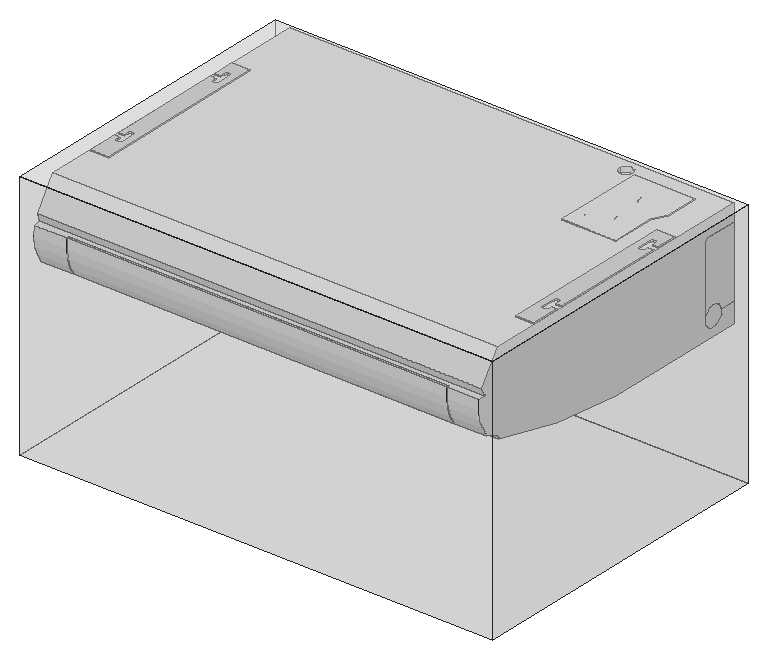
Revit family "outputfile", category 機械設備, Revit 2024
Family settings
  丸型コネクタ寸法 = 半径を使用
  パーツ タイプ = 標準
  OmniClass 番号 = 23.75.10.24.21.27.27
  OmniClass タイトル = Split System Air Conditioning Units
  作業面ベース = いいえ
  常に垂直 = はい
  ロード時にボイドで切り取り = いいえ
  注釈の向きを維持 = いいえ
  共有 = いいえ
  部屋計算ポイント = はい
Parameters (values of type "FHA50DVMG")
  製造元 = "Daikin"
  書き出し IFC クラス(タイプ) = "IfcUnitaryEquipmentType"
  定義済み IFC タイプ(タイプ) = "AIRCONDITIONINGUNIT"
  モデル = "FHA50DVMG"
  switch_frequency = yes
  r_Liquid Pipe Size = Liquid Pipe Size / 2  # 3.2 mm
  r_Gas Pipe Size = Gas Pipe Size / 2  # 6.35 mm
  r_Drain Pipe Size = Drain Pipe Size / 2  # 10.0 mm
  l_powersupply [instance] = if(Rear Right Connection_powersupply, 29.0 mm, 175.0 mm)  # 29.0 mm
  h_mountinghole = 2.0 mm
  connector_voltage = Voltage_50Hz  # 230 V
  connector_powerinput = [Power Input (Cooling)]  # 1.150 kW
  connector_phase = Phase_50Hz  # 1
  angle_vertical_powersupply [instance] = if(Rear Right Connection_powersupply, 90.00°, 180.00°)  # 90.00°
  angle_vertical_drainpipe [instance] = if(or(Left Connection_drainpipe, Right Connection_drainpipe), 90.00°, if(Top Connection_drainpipe, 180.00°, -90.00°))  # -90.00°
  angle_horizontal_powersupply [instance] = if(Rear Right Connection_powersupply, 180.00°, 0.00°)  # 180.00°
  angle_horizontal_drainpipe [instance] = if(Right Connection_drainpipe, 90.00°, if(Left Connection_drainpipe, -90.00°, 0.00°))  # 0.00°
  Voltage_comment_60Hz = "220-230"
  Voltage_comment_50Hz = "220-240"
  Voltage_60Hz = 220 V
  Voltage_50Hz = 230 V
  Top Connection_refrigerant [instance] = no
  Top Connection_powersupply [instance] = not(Rear Right Connection_powersupply)  # no
  Right Connection_refrigerant [instance] = no
  Rear Right Connection_refrigerant [instance] = yes
  Phase_60Hz = 1
  Phase_50Hz = 1
  Material_Casing = DAIKIN_White_Casing_indoorunit
  lw_powersupply [instance] = if(Rear Right Connection_powersupply, 220.0 mm, 210.0 mm)  # 220.0 mm
  lw_mountinghole_pitch = Width - 40.0 mm  # 920.0 mm
  lw_mountinghole = 20.0 mm
  lw_liquidpipe [instance] = if(Right Connection_refrigerant, 156.0 mm, if(Top Connection_refrigerant, 156.0 mm, 136.0 mm))  # 136.0 mm
  lw_gaspipe = 105.0 mm
  lw_drainpipe [instance] = if(Top Connection_drainpipe, 102.0 mm, if(Width = 960.0 mm, if(or(Left Connection_drainpipe, Rear Left Connection_drainpipe), 884.0 mm, 83.0 mm), if(Width = 1270.0 mm, if(or(Left Connection_drainpipe, Rear Left Connection_drainpipe), 1194.0 mm, 83.0 mm), if(Width = 1590.0 mm, if(or(Left Connection_drainpipe, Rear Left Connection_drainpipe), 1514.0 mm, 83.0 mm), 83.0 mm))))  # 83.0 mm
  lh_powersupply = 175.0 mm
  lh_liquidpipe [instance] = if(Rear Right Connection_refrigerant, 160.0 mm, 131.0 mm)  # 160.0 mm
  lh_gaspipe [instance] = if(Rear Right Connection_refrigerant, 150.0 mm, 91.0 mm)  # 150.0 mm
  lh_drainpipe = 197.0 mm
  l_antena = 1.0 mm
  ld_powersupply = 30.0 mm
  ld_mountinghole_pitch = 260.0 mm
  ld_mountinghole = 210.0 mm
  ld_liquidpipe [instance] = if(Right Connection_refrigerant, 57.0 mm, if(Top Connection_refrigerant, 189.0 mm, 221.0 mm))  # 221.0 mm
  ld_gaspipe [instance] = if(Right Connection_refrigerant, 57.0 mm, if(Top Connection_refrigerant, 163.0 mm, 214.0 mm))  # 214.0 mm
  ld_drainpipe [instance] = if(or(Left Connection_drainpipe, Right Connection_drainpipe), 57.0 mm, if(Top Connection_drainpipe, 87.0 mm, 268.0 mm))  # 268.0 mm
  l_liquidpipe_length [instance] = if(Right Connection_refrigerant, 156.0 mm, if(Top Connection_refrigerant, 131.0 mm, 220.0 mm))  # 220.0 mm
  l_gaspipe_length [instance] = if(Right Connection_refrigerant, 105.0 mm, if(Top Connection_refrigerant, 91.0 mm, 213.0 mm))  # 213.0 mm
  l_drainpipe_length [instance] = if(Right Connection_drainpipe, 83.0 mm, if(Top Connection_drainpipe, 197.0 mm, if(Left Connection_drainpipe, 76.0 mm, 267.0 mm)))  # 267.0 mm
  h*** = 0.0 mm
  angle_vertical [instance] = if(Right Connection_refrigerant, 90.00°, if(Top Connection_refrigerant, 180.00°, -90.00°))  # -90.00°
  angle_horizontal [instance] = if(Right Connection_refrigerant, 90.00°, 0.00°)  # 0.00°
  Width = 960.0 mm
  Version = "ver.1.0"
  Unit Type = "Ceiling"
  Unit Mass Weight = 25.00 kg
  Unit Designation [instance] = ""
  Uniclass2015Version = "Products v1.30"
  Uniclass2015Title = "Split coil room air conditioning units"
  Uniclass2015Code = "Pr_70_65_03_86"
  Total Cooling Capacity [instance] = 0.000 kW
  Top Connection_drainpipe [instance] = no
  Sound Pressure Level_M speed (dBA) = 35
  Sound Pressure Level_L speed (dBA) = 32
  Sound Pressure Level_H speed (dBA) = 37
  Series = "SkyAir_Fan Coil Unit"
  Sensible Cooling Capacity [instance] = 0.000 kW
  Rear Right Connection_drainpipe [instance] = yes
  Rear Right Connection_powersupply [instance] = yes
  Right Connection_drainpipe [instance] = no
  Refrigerant Type = "R32"
  Power Input (Cooling) = 1.150 kW
  Option Accessory 3 [instance] = ""
  Option Accessory 2 [instance] = ""
  Option Accessory 1 [instance] = ""
  Nominal Cooling Capacity = 4.600 kW
  Minimum Airflow = 600.00 m³/h
  Median Airflow = 720.00 m³/h
  Maximum Airflow = 900.00 m³/h
  Load Classification = HVAC
  Liquid Pipe Size = 6.4 mm
  Link_Nested Family [instance] = ""
  Rear Left Connection_drainpipe [instance] = no
  Left Connection_drainpipe [instance] = no
  IfcVersion = ""
  IfcExportType = "AIRCONDITIONINGUNIT"
  IfcExportAs = "IfcUnitaryEquipmentType"
  Height = 235.0 mm
  Heat Exchanger Type = "Cross Fin Coil"
  Gas Pipe Size = 12.7 mm
  Frequency_60Hz = 60 Hz
  Frequency_50Hz = 50 Hz
  Fan Type = "Sirocco Fan"
  Fan Drive = "Direct Drive"
  FCU Tag No. [instance] = ""
  Drain Pipe Size = 20.0 mm
  Design Supply Airflow [instance] = 0.00 m³/h
  Design Outdoor Airflow [instance] = 0.00 m³/h
  Depth = 690.0 mm
  既定の高さ = 0.0 mm
  Cooling Entering Wet Bulb Temperature [instance] = 0.00 °C
  Cooling Entering Dry Bulb Temperature [instance] = 0.00 °C
  Cooling Ambient Wet Bulb Temperature [instance] = 0.00 °C
  Cooling Ambient Dry Bulb Temperature [instance] = 0.00 °C
  Clearance visibility [instance] = yes
  Clearance Top = 5.0 mm
  Clearance Right = 30.0 mm
  Clearance Rear = 0.0 mm
  Clearance Left = 30.0 mm
  Clearance Front = 0.0 mm
  Clearance Bottom = 300.0 mm
Reference planes
  plane 1 "Back": y = 0
  plane 2: z = 0
  plane 3 "Center (Left/Right)": x = 0
  plane 4 "Center (Front/Back)": y = -1
  plane 5 "Front": y = -690
  plane 6 "Left": x = -480
  plane 7 "Right": x = 480
  plane 8 "Top": z = 0
  plane 9 "Bottom": z = -235
  plane 10: y = -690
  plane 11: x = -510
  plane 12: x = 510
  plane 13: z = 5
  plane 14: z = -535
  plane 15: y = 0
  plane 16 "lw_mountinghole": x = -460
  plane 17 "lw_mountinghole2": x = 460
  plane 18 "ld_mountinghole": y = -210
  plane 19 "ld_mountinghole2": y = -470
  plane 20 "lw_gaspipe": x = 375
  plane 21 "ld_gaspipe": y = -214
  plane 22 "lh_gaspipe": z = -150
  plane 23 "lw_liquidpipe": x = 344
  plane 24 "ld_liquidpipe": y = -221
  plane 25 "lh_liquidpipe": z = -160
  plane 26 "ld_drainpipe": y = -268
  plane 27 "lw_drainpipe": x = 397
  plane 28 "lh_drainpipe": z = -197
  plane 29 "lw_powersupply": x = 260
  plane 30 "lh_powersupply": z = -175
  plane 31 "ld_powersupply": y = -30
  plane 32: x = -410.5
  plane 33: x = 410.5
  plane 34: x = -435
  plane 35: x = 435
  plane 36: x = -2
  plane 37: x = 2
Forms (mm)
  Extrusion 1, solid, material "DAIKIN_White_Casing_indoorunit" <- "Material_Casing"
    sketch origin (0, 0, 0) x (0, 1, 0) y (0, 0, 1)
      loop
        line (-639.277, 0) -> (-680.876, -61.699) -> (-675.026, -77.772)
        arc (-675.026, -77.772) -> (-681.815, -78.743) -> (-688.601, -79.732) r 2634.132
        arc (-688.601, -79.732) -> (-687.018, -121.096) -> (-669.159, -158.439) r 102.2
        line (-669.159, -158.439) -> (-639.858, -169.325) -> (-635.895, -178.261)
        arc (-635.895, -178.261) -> (-479.121, -215.759) -> (-319.077, -235) r 1400.997
        line (-319.077, -235) -> (-1, -235) -> (-1, 0) -> (-639.277, 0)
    from -480 to 480
  Extrusion 2, solid, material "DAIKIN_White_Casing_indoorunit" <- "Material_Casing"
    sketch origin (0, 0, 0) x (0, 1, 0) y (0, 0, 1)
      loop
        arc (-688.601, -79.732) -> (-687.018, -121.096) -> (-669.159, -158.439) r 102.2
        line (-669.159, -158.439) -> (-665.589, -154.869)
        arc (-665.589, -154.869) -> (-682.432, -118.783) -> (-683.39, -78.971) r 97.2
        arc (-683.39, -78.971) -> (-685.996, -79.351) -> (-688.601, -79.732) r 2634.132
    from -410.5 to 410.5
  Extrusion 3, void
    sketch origin (0, 0, 0) x (0, 1, 0) y (0, 0, 1)
      loop
        line (-301.098, -235) -> (-21.098, -235) -> (-21.098, -230) -> (-301.098, -230) -> (-301.098, -235)
    from -435 to 435
  Extrusion 4, solid, material "DAIKIN_White_Grille_indoorunit"
    sketch origin (0, 0, 0) x (0, 1, 0) y (0, 0, 1)
      loop
        line (-20.098, -230) -> (-301.098, -230) -> (-301.098, -235) -> (-20.098, -235) -> (-20.098, -230)
    from -435 to -2
  Extrusion 5, solid, material "DAIKIN_White_Casing_indoorunit" <- "Material_Casing"
    sketch origin (0, 0, 0) x (1, 0, 0) y (0, 0, 1)
      loop
        line (287, -63) -> (287, -178) -> (358, -220) -> (421, -220) -> (421, -63) -> (287, -63)
    from 0 to 1
  Extrusion 6, solid, material "DAIKIN_White_Casing_indoorunit" <- "Material_Casing"
    sketch origin (0, 0, 0) x (-1, 0, 0) y (0, -1, 0)
      loop
        line (-292, 35) -> (-292, 230) -> (-408, 230) -> (-408, 135) -> (-423, 105) -> (-423, 35) -> (-292, 35)
    from 0 to 1.9
  Extrusion 7, void
    sketch origin (480, 0, 0) x (0, 1, 0) y (0, 0, 1)
      loop
        arc (-79.5, -195) -> (-55.446, -217.446) -> (-34.715, -191.9) r 22.5
        line (-34.715, -191.9) -> (-1, -191.9) -> (-1, -190.1) -> (-35.04, -190.1)
        arc (-35.04, -190.1) -> (-54.942, -172.594) -> (-77.7, -186.182) r 22.5
        line (-77.7, -186.182) -> (-77.7, -43)
        arc (-77.7, -43) -> (-76.528, -40.172) -> (-73.7, -39) r 4
        line (-73.7, -39) -> (-1, -39) -> (-1, -37.2) -> (-73.7, -37.2)
        arc (-73.7, -37.2) -> (-77.801, -38.899) -> (-79.5, -43) r 5.8
        line (-79.5, -43) -> (-79.5, -195)
      loop
        circle (-57, -195) r 20.7
    from 0 to -10
  Extrusion 8, void
    sketch origin (-1444.026, -1, 1200) x (1, 0, 0) y (0, 0, 1)
      loop
        arc (1030.026, -1375) -> (1019.42, -1379.393) -> (1015.026, -1390) r 15
        line (1015.026, -1390) -> (1015.026, -1400)
        arc (1015.026, -1400) -> (1019.42, -1410.607) -> (1030.026, -1415) r 15
        line (1030.026, -1415) -> (1060.026, -1415)
        arc (1060.026, -1415) -> (1070.633, -1410.607) -> (1075.026, -1400) r 15
        line (1075.026, -1400) -> (1075.026, -1390)
        arc (1075.026, -1390) -> (1070.633, -1379.393) -> (1060.026, -1375) r 15
        line (1060.026, -1375) -> (1030.026, -1375)
    from 0 to 10
  Extrusion 9, void
    sketch origin (-480, 0, 0) x (0, 1, 0) y (0, 0, 1)
      loop
        circle (-57, -197) r 22.5
    from 0 to 10
  Extrusion 10, void
    sketch origin (-1444.026, -1, 1200) x (1, 0, 0) y (0, 0, 1)
      loop
        circle (1821.026, -1375) r 44
    from 0 to 10
  Extrusion 11, void
    sketch origin (0, 0, 0) x (-1, 0, 0) y (0, -1, 0)
      loop
        circle (-378, 87) r 30
    from 0 to -10
  Extrusion 12, void
    sketch origin (0, 0, 0) x (-1, 0, 0) y (0, -1, 0)
      loop
        circle (-375, 163) r 18
    from 0 to -10
  Extrusion 13, void
    sketch origin (0, 0, 0) x (-1, 0, 0) y (0, -1, 0)
      loop
        circle (-324, 189) r 13
    from 0 to -10
  Extrusion 14, void
    sketch origin (-1444.026, -1, 1200) x (1, 0, 0) y (0, 0, 1)
      loop
        circle (1704.026, -1375) r 14.5
    from 0 to 10
  Extrusion 15, void
    sketch origin (0, 0, 0) x (-1, 0, 0) y (0, -1, 0)
      loop
        circle (-270, 30) r 14.5
    from 0 to -10
  Extrusion 16, void
    sketch origin (480, 0, 0) x (0, 1, 0) y (0, 0, 1)
      loop
        arc (-665.589, -154.869) -> (-682.432, -118.783) -> (-683.39, -78.971) r 97.2
        arc (-683.39, -78.971) -> (-685.996, -79.351) -> (-688.601, -79.732) r 2634.132
        arc (-688.601, -79.732) -> (-687.018, -121.096) -> (-669.159, -158.439) r 102.2
        line (-669.159, -158.439) -> (-665.589, -154.869)
    from -69.5 to -890.5
  Extrusion 17, solid, material "DAIKIN_White_Casing_indoorunit" <- "Material_Casing"
    sketch origin (-480, 0, 0) x (0, 1, 0) y (0, 0, 1)
      loop
        circle (-57, -197) r 22.5
    from 0 to 10
  Extrusion 18, solid, material "DAIKIN_White_Grille_indoorunit"
    sketch origin (780, 0, 0) x (0, 1, 0) y (0, 0, 1)
      loop
        line (-20.098, -230) -> (-301.098, -230) -> (-301.098, -235) -> (-20.098, -235) -> (-20.098, -230)
    from -782 to -778
  Extrusion 19, solid, material "DAIKIN_White_Grille_indoorunit"
    sketch origin (0, 0, 0) x (0, 1, 0) y (0, 0, -1)
      loop
        line (-20.098, 230) -> (-20.098, 235) -> (-301.098, 235) -> (-301.098, 230) -> (-20.098, 230)
    from -435 to -2
Cuts and joins
  Extrusion 3, Extrusion 7, Extrusion 8, Extrusion 9, Extrusion 10, Extrusion 11, Extrusion 12, Extrusion 13, Extrusion 14, Extrusion 15, Extrusion 16 cuts Extrusion 1
Lines and regions (mm)
  reference lines
    curve 1: line (480, -580.282, -192.75) -> (480, -551.225, -200.21)
Dimensions and locks
  equal spacing: plane 6 "Left", plane 3 "Center (Left/Right)", plane 7 "Right"
  "Width": plane 6 "Left" to plane 7 "Right"
  "Depth": plane 5 "Front" to plane 1 "Back"
  "Height": plane 8 "Top" to plane 9 "Bottom"
  "Clearance Front": plane 10 to plane 5 "Front"
  "Clearance Left": plane 11 to plane 6 "Left"
  "Clearance Right": plane 7 "Right" to plane 12
  "Clearance Top": plane 13 to plane 8 "Top"
  "Clearance Bottom": plane 9 "Bottom" to plane 14
  "Clearance Rear": plane 1 "Back" to plane 15
  locked: plane 4 "Center (Front/Back)" to plane 1 "Back" at 1
  locked: Extrusion 1 sketch curve to Extrusion 1 sketch curve at 235
  locked: Extrusion 1 sketch curve to Extrusion 1 sketch curve at 318.077
  locked: Extrusion 1 sketch curve to Extrusion 1 sketch curve at 1163.297
  locked: Extrusion 1 sketch curve to Extrusion 1 sketch curve at 231.144
  Extrusion 3 sketch curve to Extrusion 3 sketch curve to plane 1 "Back" = 280.0 mm locked, 21.098 mm locked
  "ld_mountinghole": plane 18 "ld_mountinghole" to plane 1 "Back"
  "ld_mountinghole_pitch": plane 18 "ld_mountinghole" to plane 19 "ld_mountinghole2"
  "lw_mountinghole_pitch": plane 16 "lw_mountinghole" to plane 17 "lw_mountinghole2"
  "lw_mountinghole": plane 6 "Left" to plane 16 "lw_mountinghole"
  "lw_gaspipe": plane 20 "lw_gaspipe" to plane 7 "Right"
  "ld_gaspipe": plane 1 "Back" to plane 21 "ld_gaspipe"
  "lw_liquidpipe": plane 23 "lw_liquidpipe" to plane 7 "Right"
  "ld_liquidpipe": plane 1 "Back" to plane 24 "ld_liquidpipe"
  "lw_drainpipe": plane 27 "lw_drainpipe" to plane 7 "Right"
  "ld_drainpipe": plane 26 "ld_drainpipe" to plane 1 "Back"
  plane 8 "Top" to Extrusion 5 sketch curve to Extrusion 5 sketch curve = 63.0 mm locked, 157.0 mm locked
  plane 7 "Right" to Extrusion 5 sketch curve to Extrusion 5 sketch curve = 59.0 mm locked, 134.0 mm locked
  locked: Extrusion 5 sketch curve to Extrusion 5 sketch curve at 115
  locked: Extrusion 5 sketch curve to Extrusion 5 sketch curve at 63
  locked: Extrusion 6 sketch curve to Extrusion 6 sketch curve at 195
  locked: Extrusion 6 sketch curve to Extrusion 6 sketch curve at 116
  locked: Extrusion 6 sketch curve to Extrusion 6 sketch curve at 131
  locked: Extrusion 6 sketch curve to Extrusion 6 sketch curve at 100
  locked: Extrusion 6 sketch curve to plane 1 "Back" at 35
  locked: Extrusion 6 sketch curve to plane 7 "Right" at 57
  locked: Extrusion 8 sketch curve to Extrusion 8 sketch curve at 40
  locked: Extrusion 8 sketch curve to Extrusion 8 sketch curve at 60
  locked: plane 8 "Top" to Extrusion 8 sketch curve at 175
  locked: Extrusion 8 sketch curve to plane 6 "Left" at 51
  locked: plane 7 "Right" to Extrusion 10 sketch curve at 103
  locked: plane 8 "Top" to Extrusion 10 sketch curve at 175
  locked: Extrusion 11 sketch curve to plane 1 "Back" at 87
  locked: Extrusion 11 sketch curve to plane 7 "Right" at 102
  locked: Extrusion 12 sketch curve to plane 1 "Back" at 163
  locked: Extrusion 12 sketch curve to plane 7 "Right" at 105
  locked: Extrusion 13 sketch curve to plane 1 "Back" at 189
  locked: Extrusion 13 sketch curve to plane 7 "Right" at 156
  "lw_powersupply": plane 29 "lw_powersupply" to plane 7 "Right"
  "lh_gaspipe": plane 8 "Top" to plane 22 "lh_gaspipe"
  "lh_liquidpipe": plane 8 "Top" to plane 25 "lh_liquidpipe"
  "lh_powersupply": plane 8 "Top" to plane 30 "lh_powersupply"
  "lh_drainpipe": plane 8 "Top" to plane 28 "lh_drainpipe"
  "ld_powersupply": plane 1 "Back" to plane 31 "ld_powersupply"
  locked: plane 8 "Top" to Extrusion 7 sketch curve at 195
  locked: Extrusion 7 sketch curve to plane 1 "Back" at 57
  locked: plane 9 "Bottom" to Extrusion 7 sketch curve at 43.1
  locked: Extrusion 7 sketch curve to plane 8 "Top" at 39
  locked: Extrusion 7 sketch curve to plane 1 "Back" at 79.5
  locked: Extrusion 9 sketch curve to plane 1 "Back" at 57
  locked: plane 8 "Top" to Extrusion 9 sketch curve at 197
  locked: Extrusion 17 sketch curve to plane 1 "Back" at 57
  locked: plane 8 "Top" to Extrusion 17 sketch curve at 197
  locked: plane 7 "Right" to Extrusion 14 sketch curve at 220
  locked: plane 8 "Top" to Extrusion 14 sketch curve at 175
  locked: Extrusion 15 sketch curve to plane 7 "Right" at 210
  locked: Extrusion 15 sketch curve to plane 1 "Back" at 30
  locked: curve 1 to plane 9 "Bottom" at 34.79
  locked: curve 1 to plane 9 "Bottom" at 42.25
  locked: plane 6 "Left" to plane 32 at 69.5
  locked: plane 33 to plane 7 "Right" at 69.5
  locked: plane 35 to plane 7 "Right" at 45
  locked: plane 6 "Left" to plane 34 at 45
  plane 36 to plane 3 "Center (Left/Right)" to plane 37 = 2.0 mm locked, 2.0 mm locked
  locked: curve 1 to plane 9 "Bottom" (angle 14.40°)
  aligned and locked: level to plane 2
  aligned and locked: nested 1 to plane 11
  aligned and locked: nested 1 to plane 12
  aligned and locked: nested 1 to plane 10
  aligned and locked: plane 13 to nested 1
  aligned and locked: plane 14 to nested 1
  aligned and locked: plane 15 to nested 1
  aligned and locked: Extrusion 1 sketch curve to plane 8 "Top"
  aligned and locked: Extrusion 2 sketch curve to Extrusion 1  (x2)
  aligned and locked: plane 7 "Right" to Extrusion 1
  aligned and locked: Extrusion 1 to plane 6 "Left"
  aligned and locked: cut or joined group 1 (Extrusion 1, Extrusion 3, Extrusion 7, Extrusion 8, Extrusion 9, Extrusion 10, Extrusion 11, Extrusion 12, Extrusion 13, Extrusion 14, Extrusion 15, Extrusion 16) to Extrusion 3 sketch curve
  aligned and locked: cut or joined group 1 to Extrusion 4 sketch curve
  aligned and locked: Extrusion 5 to plane 4 "Center (Front/Back)"
  aligned and locked: Extrusion 7 sketch curve to plane 4 "Center (Front/Back)"
  aligned and locked: Extrusion 16 sketch curve to Extrusion 2  (x4)
  aligned and locked: Extrusion 16 to Extrusion 2  (x2)
  aligned and locked: nested 2 to plane 26 "ld_drainpipe"
  aligned and locked: plane 27 "lw_drainpipe" to nested 2
  aligned and locked: plane 20 "lw_gaspipe" to nested 3
  aligned and locked: nested 3 to plane 21 "ld_gaspipe"
  aligned and locked: plane 23 "lw_liquidpipe" to nested 4
  aligned and locked: nested 4 to plane 24 "ld_liquidpipe"
  aligned and locked: plane 25 "lh_liquidpipe" to nested 4
  aligned and locked: nested 5 to plane 31 "ld_powersupply"
  aligned and locked: plane 29 "lw_powersupply" to nested 5
  aligned and locked: nested 7 to plane 18 "ld_mountinghole"
  aligned and locked: plane 16 "lw_mountinghole" to nested 7
  aligned and locked: nested 6 to plane 19 "ld_mountinghole2"
  aligned and locked: plane 16 "lw_mountinghole" to nested 6
  aligned and locked: nested 9 to plane 18 "ld_mountinghole"
  aligned and locked: plane 17 "lw_mountinghole2" to nested 9
  aligned and locked: plane 17 "lw_mountinghole2" to nested 8
  aligned and locked: nested 8 to plane 19 "ld_mountinghole2"
  aligned and locked: nested 10 to curve 1
  aligned and locked: level to plane 8 "Top"
  aligned and locked: cut or joined group 1 to plane 32
  aligned and locked: plane 33 to cut or joined group 1
  aligned and locked: Extrusion 16 to plane 32
  aligned and locked: plane 33 to Extrusion 16
  aligned and locked: Extrusion 4 to plane 34
  aligned and locked: cut or joined group 1 to plane 34
  aligned and locked: plane 34 to Extrusion 4  (x3)
  aligned and locked: plane 16 "lw_mountinghole" to nested 11
  aligned and locked: plane 17 "lw_mountinghole2" to nested 12
  aligned and locked: plane 36 to Extrusion 4
  aligned and locked: Extrusion 18 to plane 36
  aligned and locked: plane 37 to Extrusion 18
  aligned and locked: Extrusion 19 to plane 37
  aligned and locked: plane 37 to Extrusion 19
  aligned and locked: plane 35 to Extrusion 19
  aligned and locked: plane 35 to Extrusion 3
  aligned and locked: Extrusion 4 to cut or joined group 1
  aligned and locked: cut or joined group 1 to Extrusion 18
  aligned and locked: cut or joined group 1 to Extrusion 19
Automatic sketch dimensions
  Extrusion 1 sketch curve to plane 4 "Center (Front/Back)" = 0.0 mm
  Extrusion 1 sketch curve to plane 5 "Front" = 102.2 mm
  Extrusion 1 sketch curve to plane 30 "lh_powersupply" = 3.261 mm
  Extrusion 1 sketch curve to plane 5 "Front" = 50.723 mm
  plane 30 "lh_powersupply" to Extrusion 1 sketch curve = 5.675 mm
  Extrusion 1 sketch curve to Extrusion 1 sketch curve = 3.963 mm
  plane 25 "lh_liquidpipe" to Extrusion 1 sketch curve = 1.561 mm
  Extrusion 1 sketch curve to plane 5 "Front" = 20.841 mm
  Extrusion 1 sketch curve to plane 5 "Front" = 14.974 mm
  Extrusion 1 sketch curve to plane 5 "Front" = 9.124 mm
  Extrusion 1 sketch curve to plane 26 "ld_drainpipe" = 37.278 mm
  Extrusion 1 sketch curve to plane 14 = 2150.825 mm
  plane 22 "lh_gaspipe" to Extrusion 1 sketch curve = 53.413 mm
  Extrusion 1 sketch curve to level = 77.772 mm
  Extrusion 1 sketch curve to Extrusion 1 sketch curve = 16.072 mm
  Extrusion 2 sketch curve to Extrusion 2 sketch curve = 0.0 mm  (x2)
  plane 25 "lh_liquidpipe" to Extrusion 2 sketch curve = 1.561 mm
  Extrusion 2 sketch curve to plane 22 "lh_gaspipe" = 4.869 mm
  Extrusion 2 sketch curve to Extrusion 2 sketch curve = 3.57 mm
  Extrusion 3 sketch curve to Extrusion 3 sketch curve = 5.0 mm
  plane 31 "ld_powersupply" to Extrusion 4 sketch curve = 9.902 mm
  Extrusion 4 sketch curve to Extrusion 4 sketch curve = 5.0 mm
  Extrusion 6 sketch curve to Extrusion 6 sketch curve = 30.0 mm
  Extrusion 7 sketch curve to Extrusion 7 sketch curve = 0.0 mm  (x6)
  Extrusion 7 sketch curve to plane 4 "Center (Front/Back)" = 0.0 mm  (x2)
  Extrusion 7 sketch curve to Extrusion 7 sketch curve = 1.8 mm  (x2)
  Extrusion 7 sketch curve to Extrusion 7 sketch curve = 4.0 mm
  Extrusion 7 sketch curve to Extrusion 7 sketch curve = 0.325 mm
  Extrusion 8 sketch curve to plane 32 = 3.5 mm  (x2)
  Extrusion 8 sketch curve to plane 28 "lh_drainpipe" = 3.0 mm
  Extrusion 8 sketch curve to Extrusion 8 sketch curve = 15.0 mm
  curve 1 to plane 5 "Front" = 109.718 mm
  Extrusion 18 sketch curve to plane 9 "Bottom" = 0.0 mm
  plane 9 "Bottom" to Extrusion 18 sketch curve = 5.0 mm
  Extrusion 18 sketch curve to plane 26 "ld_drainpipe" = 33.098 mm
  plane 31 "ld_powersupply" to Extrusion 18 sketch curve = 9.902 mm
  Extrusion 19 sketch curve to plane 9 "Bottom" = 0.0 mm
  plane 9 "Bottom" to Extrusion 19 sketch curve = 5.0 mm
  Extrusion 19 sketch curve to plane 26 "ld_drainpipe" = 33.098 mm
  plane 31 "ld_powersupply" to Extrusion 19 sketch curve = 9.902 mm
  Extrusion 4 sketch curve to plane 26 "ld_drainpipe" = 33.098 mm
  radius of Extrusion 7 sketch curve = 20.7 mm
  radius of Extrusion 9 sketch curve = 22.5 mm
  radius of Extrusion 10 sketch curve = 44.0 mm
  radius of Extrusion 11 sketch curve = 30.0 mm
  radius of Extrusion 12 sketch curve = 18.0 mm
  radius of Extrusion 13 sketch curve = 13.0 mm
  radius of Extrusion 14 sketch curve = 14.5 mm
  radius of Extrusion 15 sketch curve = 14.5 mm
  radius of Extrusion 17 sketch curve = 22.5 mm
Nested families
  nested 1: "daikin_clearancespace" at (0, -345, -264.881), visible <- "Clearance visibility", show <- "Clearance visibility", Link_Nested Family <- "Link_Nested Family", type "daikin_clearancespace"
    with width 1020.0 mm, show yes, height 540.0 mm, depth 690.0 mm, Link_Nested Family ""
  nested 2: "daikin_connector_rotate3" at (397, -268, -197), radius <- "r_Drain Pipe Size", angle_vertical <- "angle_vertical_drainpipe", angle_horizontal <- "angle_horizontal_drainpipe", length <- "l_drainpipe_length", type "daikin_connector_rotate3"
    with show no, radius 10.0 mm, length 267.0 mm, angle_vertical -90.00°, angle_horizontal 0.00°
  nested 3: "daikin_connector_rotate3" at (375, -214, -150), radius <- "r_Gas Pipe Size", angle_vertical <- "angle_vertical", angle_horizontal <- "angle_horizontal", length <- "l_gaspipe_length", type "daikin_connector_rotate3"
    with show no, radius 6.35 mm, length 213.0 mm, angle_vertical -90.00°, angle_horizontal 0.00°
  nested 4: "daikin_connector_rotate3" at (344, -221, -160), radius <- "r_Liquid Pipe Size", angle_vertical <- "angle_vertical", angle_horizontal <- "angle_horizontal", length <- "l_liquidpipe_length", type "daikin_connector_rotate3"
    with show no, radius 3.2 mm, length 220.0 mm, angle_vertical -90.00°, angle_horizontal 0.00°
  nested 5: "daikin_connector_rotate3" at (260, -30, -175), length <- "l_powersupply", angle_vertical <- "angle_vertical_powersupply", angle_horizontal <- "angle_horizontal_powersupply", type "daikin_connector_rotate3"
    with show no, radius 10.0 mm, length 29.0 mm, angle_vertical 90.00°, angle_horizontal 180.00°
  nested 6: "daikin_mountinghole" at (-460, -470, 0), l_antenna <- "l_antena", Link_Nested Family <- "Link_Nested Family", h_mountinghole <- "h_mountinghole", type "daikin_mountinghole"
    with show yes, l_antenna 1.0 mm, h_mountinghole 2.0 mm, Link_Nested Family ""
  nested 7: "daikin_mountinghole" at (-460, -210, 0), l_antenna <- "l_antena", Link_Nested Family <- "Link_Nested Family", h_mountinghole <- "h_mountinghole", type "daikin_mountinghole"
    with show yes, l_antenna 1.0 mm, h_mountinghole 2.0 mm, Link_Nested Family ""
  nested 8: "daikin_mountinghole" at (460, -470, 0), l_antenna <- "l_antena", Link_Nested Family <- "Link_Nested Family", h_mountinghole <- "h_mountinghole", type "daikin_mountinghole"
    with show yes, l_antenna 1.0 mm, h_mountinghole 2.0 mm, Link_Nested Family ""
  nested 9: "daikin_mountinghole" at (460, -210, 0), Link_Nested Family <- "Link_Nested Family", l_antenna <- "l_antena", h_mountinghole <- "h_mountinghole", type "daikin_mountinghole"
    with show yes, l_antenna 1.0 mm, h_mountinghole 2.0 mm, Link_Nested Family ""
  nested 10: "daikin_logo_plane_w40" at (332.963, -559.801, -198.008) x (1, 0, 0) z (0, -0.2487, -0.9686), type "daikin_logo_plane_w40"
    with show_logo yes
  nested 11: "daikin_hangerfixture_FHA-DVMG" at (-460, 0, 0), type "daikin_hangerfixture_FHA-DVMG"
    with width 38.0 mm, height 2.0 mm, depth 380.0 mm
  nested 12: "daikin_hangerfixture_FHA-DVMG" at (460, 0, 0) x (-1, 0, 0) z (0, 0, 1), type "daikin_hangerfixture_FHA-DVMG"
    with width 38.0 mm, height 2.0 mm, depth 380.0 mm
Connectors
  piping at (397, -1, -197), diameter 20, driven by "r_Drain Pipe Size"
    settings: on nested 2, index 1, connector inside diameter 609.6 mm, connector length 0.0 mm, flow factor 0, pipe flow 0.00 m³/h, pressure drop 0.0 Pa, fitting loss kfactor 0, connector angle 0.00°, fixture units 0, engagement length 0.0 mm, angle of deflection 0.00°, flow configuration 1, flow direction 2, fitting loss method 4, system type 16, joint type 0, gender type 0, connector reference index -1, connector utility 0, adjustable connector no, is connector primary yes, connector description "Condensate Drain Piping"
  piping at (375, -1, -150), diameter 12.7, driven by "r_Gas Pipe Size"
    settings: on nested 3, index 3, connector inside diameter 609.6 mm, connector length 0.0 mm, flow factor 0, pipe flow 0.00 m³/h, pressure drop 0.0 Pa, fitting loss kfactor 0, connector angle 0.00°, fixture units 0, engagement length 0.0 mm, angle of deflection 0.00°, flow configuration 1, flow direction 2, fitting loss method 0, system type 29, joint type 0, gender type 0, connector reference index -1, connector utility 0, adjustable connector no, is connector primary no, connector description "Refrigerant Gas Piping"
  piping at (344, -1, -160), diameter 6.4, driven by "r_Liquid Pipe Size"
    settings: on nested 4, index 4, connector inside diameter 609.6 mm, connector length 0.0 mm, flow factor 0, pipe flow 0.00 m³/h, pressure drop 0.0 Pa, fitting loss kfactor 0, connector angle 0.00°, fixture units 0, engagement length 0.0 mm, angle of deflection 0.00°, flow configuration 1, flow direction 1, fitting loss method 0, system type 29, joint type 0, gender type 0, connector reference index -1, connector utility 0, adjustable connector no, is connector primary no, connector description "Refrigerant Liquid Piping"
  electrical at (260, -1, -175), driven by "Load Classification", driven by "connector_powerinput", driven by "connector_phase", driven by "connector_voltage"
    settings: on nested 5, index 6, voltage 230 V, apparent load 1150 VA, apparent load phase1 0 VA, apparent load phase2 0 VA, apparent load phase3 0 VA, power factor 1, load classification "HVAC", number of poles 1, system type 30, power factor state 1, is connector primary yes, connector utility no, sub classification motor no, connector description "Power Supply"
Definition of nested family "daikin_clearancespace"
  Parameters (values of type "daikin_clearancespace")
    Description = "daikin_clearancespace"
    width [instance] = 1823.963 mm
    show [instance] = yes
    material = none
    height [instance] = 1359.762 mm
    depth [instance] = 880.0 mm
    Default Elevation = 0.0 mm
    Link_Nested Family [instance] = ""
  Reference planes
    plane 1 "Center (Front/Back)": y = 0
    plane 2 "Center (Elevation)": z = -0.119
    plane 3 "Center (Left/Right)": x = 0
    plane 4: y = 440
    plane 5: y = -440
    plane 6 "Right": x = 911.982
    plane 7 "Left": x = -911.982
    plane 8 "Top": z = 679.762
    plane 9 "Bottom": z = -680
  Forms (mm)
    Extrusion 1, solid, material <- "material", visible <- "show"
      sketch origin (0, 0, 0) x (1, 0, 0) y (0, 1, 0)
        loop
          line (-911.982, 440) -> (-911.982, -440) -> (911.982, -440) -> (911.982, 440) -> (-911.982, 440)
      from -680 to 679.762
  Lines and regions (mm)
    symbolic lines, visible <- "show"
      curve 1: line (911.982, 440, 0) -> (-911.982, 440, 0)
      curve 2: line (-911.982, 440, 0) -> (-911.982, -440, 0)
      curve 3: line (-911.982, -440, 0) -> (911.982, -440, 0)
      curve 4: line (911.982, -440, 0) -> (911.982, 440, 0)
      curve 5: line (911.982, 0, 679.762) -> (-911.982, 0, 679.762)
      curve 6: line (911.982, 0, -680) -> (911.982, 0, 679.762)
      curve 7: line (-911.982, 0, -680) -> (911.982, 0, -680)
      curve 8: line (-911.982, 0, 679.762) -> (-911.982, 0, -680)
      curve 9: line (0, 440, 679.762) -> (0, -440, 679.762)
      curve 10: line (0, -440, 679.762) -> (0, -440, -680)
      curve 11: line (0, 440, -680) -> (0, 440, 679.762)
      curve 12: line (0, -440, -680) -> (0, 440, -680)
  Dimensions and locks
    "width": plane 7 "Left" to plane 6 "Right"
    "depth": plane 4 to plane 5
    "height": plane 8 "Top" to plane 9 "Bottom"
    equal spacing: plane 7 "Left", plane 3 "Center (Left/Right)", plane 6 "Right"
    equal spacing: plane 4, plane 1 "Center (Front/Back)", plane 5
    equal spacing: plane 8 "Top", plane 2 "Center (Elevation)", plane 9 "Bottom"
    aligned and locked: level to plane 2 "Center (Elevation)"
    aligned and locked: Extrusion 1 sketch curve to plane 4
    aligned and locked: plane 7 "Left" to Extrusion 1 sketch curve
    aligned and locked: Extrusion 1 sketch curve to plane 5
    aligned and locked: Extrusion 1 sketch curve to plane 6 "Right"
    aligned and locked: plane 8 "Top" to Extrusion 1
    aligned and locked: curve 1 to Extrusion 1
    aligned and locked: curve 2 to Extrusion 1
    aligned and locked: curve 3 to Extrusion 1
    aligned and locked: curve 4 to Extrusion 1
    aligned and locked: curve 5 to Extrusion 1
    aligned and locked: curve 6 to Extrusion 1
    aligned and locked: curve 7 to Extrusion 1
    aligned and locked: curve 8 to Extrusion 1
    aligned and locked: curve 9 to Extrusion 1
    aligned and locked: curve 10 to Extrusion 1
    aligned and locked: curve 11 to Extrusion 1
    aligned and locked: curve 12 to Extrusion 1
    aligned and locked: Extrusion 1 to plane 9 "Bottom"
Definition of nested family "daikin_logo_plane_w40"
  Parameters (values of type "daikin_logo_plane_w40")
    width = 40.0 mm
    show_logo [instance] = yes
    material = none
    height = 0.0 mm
    depth = 0.0 mm
    Default Elevation = 1219.2 mm
  Reference planes
    plane 1 "Center (Front/Back)": y = 0
    plane 2: z = 0
    plane 3 "Center (Left/Right)": x = 0
    plane 4: z = 2
    plane 5 "left": x = -19
    plane 6: x = 19
  Forms (mm)
    Extrusion 1, solid, visible <- "show_logo"
      sketch origin (-19, 0, 0) x (1, 0, 0) y (0, 1, 0)
        loop
          line (8.902, -1.878) -> (7.789, -6.332) -> (11.13, -6.332)
          arc (11.13, -6.332) -> (12.454, -6.064) -> (13.472, -5.176) r 2.642
          arc (13.472, -5.176) -> (13.92, -4.02) -> (13.767, -2.79) r 2.537
          arc (13.767, -2.79) -> (13.452, -2.342) -> (12.982, -2.06) r 1.321
          arc (12.982, -2.06) -> (12.063, -1.902) -> (11.13, -1.878) r 6.479
          line (11.13, -1.878) -> (8.902, -1.878)
        loop
          line (10.016, -5.441) -> (10.907, -5.441)
          arc (10.907, -5.441) -> (11.591, -4.983) -> (11.988, -4.261) r 1.742
          spline (11.988, -4.261) -> (12.01, -4.155) -> (12.027, -4.03) -> (12.037, -3.893) -> (12.037, -3.747) -> (12.026, -3.598) -> (12.002, -3.451) -> (11.962, -3.31) -> (11.905, -3.181) -> (11.829, -3.069) -> (11.731, -2.978) -> (11.61, -2.913) -> (11.464, -2.88)
          line (11.464, -2.88) -> (10.573, -2.88) -> (10.016, -5.441)
        loop
          line (13.58, -6.332) -> (14.805, -6.332) -> (15.223, -5.553) -> (16.977, -5.553) -> (17.144, -6.332) -> (19.149, -6.332) -> (18.258, -1.878) -> (16.03, -1.878) -> (13.58, -6.332)
        loop
          line (16.476, -3.214) -> (15.76, -4.551) -> (16.762, -4.551) -> (16.476, -3.214)
        loop
          line (19.705, -6.332) -> (21.599, -6.332) -> (22.712, -1.878) -> (20.819, -1.878) -> (19.705, -6.332)
        loop
          line (22.712, -6.332) -> (24.606, -6.332) -> (24.908, -5.122) -> (25.831, -6.332) -> (28.17, -6.332) -> (26.388, -3.994) -> (28.949, -1.878) -> (26.945, -1.878) -> (25.401, -3.153) -> (25.719, -1.878) -> (23.826, -1.878) -> (22.712, -6.332)
        loop
          line (29.84, -1.878) -> (28.615, -6.332) -> (30.62, -6.332) -> (31.734, -1.878) -> (29.84, -1.878)
        loop
          line (31.734, -6.332) -> (33.07, -6.332) -> (33.7, -3.814) -> (34.518, -6.332) -> (36.745, -6.332) -> (37.859, -1.878) -> (36.523, -1.878) -> (35.845, -4.589) -> (34.963, -1.878) -> (32.847, -1.878) -> (31.734, -6.332)
      from 0 to 2
    Extrusion 2, solid, visible <- "show_logo"
      sketch origin (-19, 0, 0) x (1, 0, 0) y (0, 1, 0)
        loop
          line (8.7, 0) -> (4.235, 0) -> (0, -3.879) -> (0, -8) -> (8.7, 0)
      from 0 to 2
    Extrusion 3, solid, visible <- "show_logo"
      sketch origin (-19, 0, 0) x (1, 0, 0) y (0, 1, 0)
        loop
          line (0, 0) -> (0, -3.879) -> (4.235, 0) -> (0, 0)
      from 0 to 2
  Dimensions and locks
    plane 4 to plane 2 = 2.0 mm
    equal spacing: plane 5 "left", plane 3 "Center (Left/Right)", plane 6
    locked: plane 5 "left" to plane 6 at 38
    aligned and locked: level to plane 2
    aligned and locked: Extrusion 3 to plane 1 "Center (Front/Back)"  (x2)
    aligned and locked: Extrusion 2 to plane 1 "Center (Front/Back)"  (x2)
    aligned and locked: plane 4 to Extrusion 1
    aligned and locked: plane 4 to Extrusion 3
    aligned and locked: plane 4 to Extrusion 2
    aligned and locked: Extrusion 3 to plane 5 "left"
    aligned and locked: Extrusion 2 to plane 5 "left"
  Automatic sketch dimensions
    Extrusion 1 sketch curve to Extrusion 1 sketch curve = 0.901 mm
    Extrusion 1 sketch curve to Extrusion 1 sketch curve = 1.559 mm
    Extrusion 1 sketch curve to Extrusion 1 sketch curve = 1.327 mm
    Extrusion 1 sketch curve to Extrusion 1 sketch curve = 2.145 mm
    Extrusion 1 sketch curve to Extrusion 1 sketch curve = 1.448 mm
    Extrusion 1 sketch curve to Extrusion 1 sketch curve = 2.116 mm
    Extrusion 1 sketch curve to Extrusion 1 sketch curve = 1.114 mm  (x4)
    Extrusion 1 sketch curve to Extrusion 1 sketch curve = 1.336 mm  (x2)
    plane 1 "Center (Front/Back)" to Extrusion 1 sketch curve = 1.878 mm  (x5)
    Extrusion 1 sketch curve to Extrusion 1 sketch curve = 1.893 mm  (x5)
    Extrusion 1 sketch curve to Extrusion 1 sketch curve = 0.891 mm  (x4)
    Extrusion 1 sketch curve to Extrusion 1 sketch curve = 2.005 mm  (x3)
    Extrusion 1 sketch curve to Extrusion 1 sketch curve = 0.445 mm  (x2)
    plane 1 "Center (Front/Back)" to Extrusion 1 sketch curve = 3.994 mm
    Extrusion 1 sketch curve to Extrusion 1 sketch curve = 0.557 mm  (x2)
    Extrusion 1 sketch curve to Extrusion 1 sketch curve = 2.339 mm  (x2)
    Extrusion 1 sketch curve to Extrusion 1 sketch curve = 1.225 mm  (x3)
    plane 1 "Center (Front/Back)" to Extrusion 1 sketch curve = 3.153 mm
    Extrusion 1 sketch curve to Extrusion 1 sketch curve = 0.987 mm
    plane 1 "Center (Front/Back)" to Extrusion 1 sketch curve = 5.122 mm
    Extrusion 1 sketch curve to Extrusion 1 sketch curve = 0.922 mm
    plane 1 "Center (Front/Back)" to Extrusion 1 sketch curve = 6.332 mm
    Extrusion 1 sketch curve to Extrusion 1 sketch curve = 2.562 mm
    plane 1 "Center (Front/Back)" to Extrusion 1 sketch curve = 5.553 mm
    Extrusion 1 sketch curve to Extrusion 1 sketch curve = 0.167 mm
    Extrusion 1 sketch curve to Extrusion 1 sketch curve = 0.215 mm
    plane 1 "Center (Front/Back)" to Extrusion 1 sketch curve = 3.214 mm
    Extrusion 1 sketch curve to Extrusion 1 sketch curve = 0.286 mm
    plane 1 "Center (Front/Back)" to Extrusion 1 sketch curve = 4.551 mm
    Extrusion 1 sketch curve to Extrusion 1 sketch curve = 1.002 mm
    Extrusion 1 sketch curve to Extrusion 1 sketch curve = 0.537 mm
    Extrusion 1 sketch curve to Extrusion 1 sketch curve = 0.418 mm
    Extrusion 1 sketch curve to Extrusion 1 sketch curve = 1.028 mm
    plane 1 "Center (Front/Back)" to Extrusion 1 sketch curve = 4.261 mm
    Extrusion 1 sketch curve to Extrusion 1 sketch curve = 0.563 mm
    plane 1 "Center (Front/Back)" to Extrusion 1 sketch curve = 2.88 mm
    Extrusion 1 sketch curve to Extrusion 1 sketch curve = 1.088 mm
    Extrusion 1 sketch curve to Extrusion 1 sketch curve = 2.152 mm
    Extrusion 1 sketch curve to Extrusion 1 sketch curve = 0.586 mm
    Extrusion 1 sketch curve to Extrusion 1 sketch curve = 0.118 mm
    Extrusion 1 sketch curve to Extrusion 1 sketch curve = 0.298 mm
    Extrusion 1 sketch curve to Extrusion 1 sketch curve = 0.334 mm
    Extrusion 1 sketch curve to Extrusion 1 sketch curve = 0.223 mm
    Extrusion 1 sketch curve to Extrusion 1 sketch curve = 0.266 mm
    Extrusion 1 sketch curve to Extrusion 1 sketch curve = 1.671 mm
    Extrusion 1 sketch curve to Extrusion 1 sketch curve = 2.227 mm
    Extrusion 1 sketch curve to Extrusion 1 sketch curve = 0.0 mm  (x7)
    Extrusion 1 sketch curve to Extrusion 1 sketch curve = 3.453 mm
    Extrusion 1 sketch curve to Extrusion 1 sketch curve = 2.017 mm
    Extrusion 1 sketch curve to Extrusion 1 sketch curve = 0.78 mm  (x2)
    Extrusion 1 sketch curve to Extrusion 1 sketch curve = 1.743 mm
    Extrusion 1 sketch curve to Extrusion 1 sketch curve = 0.775 mm
    Extrusion 1 sketch curve to Extrusion 1 sketch curve = 0.552 mm
    Extrusion 1 sketch curve to Extrusion 1 sketch curve = 0.014 mm
    Extrusion 1 sketch curve to Extrusion 1 sketch curve = 0.952 mm
    Extrusion 1 sketch curve to Extrusion 1 sketch curve = 1.215 mm
    Extrusion 1 sketch curve to Extrusion 1 sketch curve = 0.108 mm
    plane 1 "Center (Front/Back)" to Extrusion 2 sketch curve = 0.0 mm
    Extrusion 2 sketch curve to plane 3 "Center (Left/Right)" = 19.0 mm
    Extrusion 2 sketch curve to plane 3 "Center (Left/Right)" = 14.765 mm
    Extrusion 2 sketch curve to Extrusion 2 sketch curve = 4.465 mm
    plane 1 "Center (Front/Back)" to Extrusion 2 sketch curve = 3.879 mm
    Extrusion 2 sketch curve to Extrusion 2 sketch curve = 4.12 mm
    plane 1 "Center (Front/Back)" to Extrusion 3 sketch curve = 0.0 mm
    Extrusion 3 sketch curve to plane 3 "Center (Left/Right)" = 19.0 mm
    Extrusion 3 sketch curve to plane 3 "Center (Left/Right)" = 14.765 mm
    plane 1 "Center (Front/Back)" to Extrusion 3 sketch curve = 3.879 mm
    Extrusion 1 sketch curve to plane 3 "Center (Left/Right)" = 11.211 mm
    Extrusion 1 sketch curve to Extrusion 1 sketch curve = 1.782 mm
Definition of nested family "daikin_hangerfixture_FHA-DVMG"
  Parameters (values of type "daikin_hangerfixture_FHA-CV2S")
    width = 44.0 mm
    material = none
    height = 155.0 mm
    depth = 33.0 mm
    Default Elevation = 0.0 mm
  Reference planes
    plane 1 "Center (Front/Back)": y = 0
    plane 2: z = 0
    plane 3 "Center (Left/Right)": x = 0
    plane 4: z = -2.3
    plane 5: z = -155
    plane 6: z = -12
  Forms (mm)
    Extrusion 1, solid
      sketch origin (0, 0, 0) x (1, 0, 0) y (0, 1, 0)
        loop
          line (20, -159) -> (-18, -159) -> (-18, -204) -> (-6, -204) -> (-6, -196)
          arc (-6, -196) -> (0, -190) -> (6, -196) r 6
          line (6, -196) -> (6, -224)
          arc (6, -224) -> (0, -230) -> (-6, -224) r 6
          line (-6, -224) -> (-6, -216) -> (-18, -216) -> (-18, -464) -> (-6, -464) -> (-6, -456)
          arc (-6, -456) -> (0, -450) -> (6, -456) r 6
          line (6, -456) -> (6, -484)
          arc (6, -484) -> (0, -490) -> (-6, -484) r 6
          line (-6, -484) -> (-6, -476) -> (-18, -476) -> (-18, -539) -> (20, -539) -> (20, -159)
      from 0 to 2
  Dimensions and locks
    plane 2 to plane 4 = 2.3 mm
    "height": plane 2 to plane 5
    locked: plane 2 to plane 6 at 12
    aligned and locked: level to plane 2
  Automatic sketch dimensions
    plane 3 "Center (Left/Right)" to Extrusion 1 sketch curve = 20.0 mm
    plane 1 "Center (Front/Back)" to Extrusion 1 sketch curve = 159.0 mm
    Extrusion 1 sketch curve to plane 3 "Center (Left/Right)" = 18.0 mm
    Extrusion 1 sketch curve to Extrusion 1 sketch curve = 380.0 mm
    Extrusion 1 sketch curve to Extrusion 1 sketch curve = 63.0 mm
    Extrusion 1 sketch curve to plane 3 "Center (Left/Right)" = 0.0 mm  (x4)
    plane 3 "Center (Left/Right)" to Extrusion 1 sketch curve = 6.0 mm
    Extrusion 1 sketch curve to Extrusion 1 sketch curve = 8.0 mm  (x4)
    Extrusion 1 sketch curve to Extrusion 1 sketch curve = 20.0 mm  (x2)
    Extrusion 1 sketch curve to Extrusion 1 sketch curve = 0.0 mm  (x2)
    Extrusion 1 sketch curve to Extrusion 1 sketch curve = 57.0 mm
    Extrusion 1 sketch curve to plane 3 "Center (Left/Right)" = 6.0 mm
Definition of nested family "daikin_connector_rotate3"
  Parameters (values of type "daikin_connector_rotate3")
    show [instance] = yes
    radius [instance] = 10.0 mm
    length [instance] = 600.0 mm
    angle_horizontal [instance] = 60.00°
    angle_vertical [instance] = 90.00°
    Default Elevation = 1219.2 mm
  Reference planes
    plane 1 "Center (Front/Back)": y = 0
    plane 2: z = 0
    plane 3 "Center (Left/Right)": x = 0
  Dimensions and locks
    "angle_horizontal": angle plane 3 "Center (Left/Right)" to nested 1
    aligned and locked: level to plane 2
    aligned and locked: plane 1 "Center (Front/Back)" to nested 1  (x2)
    aligned and locked: plane 3 "Center (Left/Right)" to nested 1
  Nested families
    nested 1: "daikin_connector_rotate2" at (0, 0, 0) x (0.5, 0.866, 0) z (0, 0, 1), angle_vertical <- "angle_vertical", length <- "length", radius <- "radius", type "daikin_connector_rotate2"
      with radius 10.0 mm, length 600.0 mm, angle_vertical 90.00°
  Definition of nested family "daikin_connector_rotate2"
    Parameters (values of type "daikin_connector_rotate2")
      show_face = yes
      radius [instance] = 10.0 mm
      length [instance] = 600.0 mm
      d_surface = 10.0 mm
      angle_vertical [instance] = 90.00°
      Default Elevation = 0.0 mm
    Reference planes
      plane 1 "Center (Front/Back)": y = 0
      plane 2: z = 0
      plane 3 "Center (Left/Right)": x = 0
    Forms (mm)
      Extrusion 1, solid, visible <- "show_face"
        sketch origin (0, -600, 0) x (1, 0, 0) y (0, 0, 1)
          loop
            circle (0, 0) r 10
        from 0 to -10
    Lines and regions (mm)
      reference lines
        curve 1: line (0, 0, 0) -> (0, -600, 0)
      symbolic lines
        curve 2: circle (0, 0, 0) r 5 normal (0, 0, 1)
      model lines, visible <- "show_face"
        curve 3: line (0, 0, 0) -> (0, -600, 0)
    Dimensions and locks
      "length": curve 1 to curve 1
      "length": curve 3 to curve 3
      "d_surface": Extrusion 1 to Extrusion 1
      "radius": radius of Extrusion 1 sketch curve
      "angle_vertical": angle curve 1 to plane 1 "Center (Front/Back)"
      "angle_vertical": angle curve 3 to plane 1 "Center (Front/Back)"
      aligned and locked: level to plane 2
      aligned and locked: plane 1 "Center (Front/Back)" to curve 1
      aligned and locked: plane 2 to curve 1
      aligned and locked: plane 1 "Center (Front/Back)" to curve 2
      aligned and locked: plane 3 "Center (Left/Right)" to curve 2
      aligned and locked: plane 1 "Center (Front/Back)" to curve 3
      aligned and locked: plane 2 to curve 3
      aligned and locked: Extrusion 1 to Extrusion 1
    Automatic sketch dimensions
      Extrusion 1 sketch curve to level = 0.0 mm
      Extrusion 1 sketch curve to plane 3 "Center (Left/Right)" = 0.0 mm
      radius of curve 2 = 5.0 mm
Definition of nested family "daikin_mountinghole"
  Parameters (values of type "daikin_mountinghole")
    Default Elevation = 1219.2 mm
    Type Comments = "mountinghole"
    show [instance] = yes
    material = none
    l_centerline = 100.0 mm
    l_antenna [instance] = 100.0 mm
    h_mountinghole [instance] = 0.0 mm
    d_circle = 30.0 mm
    Link_Nested Family [instance] = ""
  Reference planes
    plane 1 "Center (Front/Back)": y = 0
    plane 2: z = 0
    plane 3 "Center (Left/Right)": x = 0
    plane 4: y = 50
    plane 5: x = -50
    plane 6: x = 50
    plane 7: y = -50
    plane 8 "h_mountinghole": z = 0
    plane 9: z = 100
  Lines and regions (mm)
    model lines, detail levels fine
      curve 1: circle (0, 0, 0) r 15 normal (0, 0, 1)
      curve 2: line (-50, 0, 0) -> (50, 0, 0)
      curve 3: line (0, 50, 0) -> (0, -50, 0)
    symbolic lines, detail levels fine
      curve 4: circle (0, 0, 0) r 15 normal (0, 0, 1)
      curve 5: line (-50, 0, 0) -> (50, 0, 0)
      curve 6: line (0, 50, 0) -> (0, -50, 0)
    model lines
      curve 7: line (0, 0, 100) -> (0, 0, 0)
  Dimensions and locks
    equal spacing: plane 4, plane 1 "Center (Front/Back)", plane 7
    "l_centerline": plane 4 to plane 7
    equal spacing: plane 5, plane 3 "Center (Left/Right)", plane 6
    "l_centerline": plane 5 to plane 6
    "l_antenna": plane 9 to plane 8 "h_mountinghole"
    "h_mountinghole": plane 8 "h_mountinghole" to plane 2
    "d_circle": diameter of curve 1
    "d_circle": diameter of curve 4
    aligned and locked: level to plane 2
    aligned and locked: plane 1 "Center (Front/Back)" to curve 1
    aligned and locked: plane 3 "Center (Left/Right)" to curve 1
    aligned and locked: plane 1 "Center (Front/Back)" to curve 2
    aligned and locked: curve 3 to plane 3 "Center (Left/Right)"
    aligned and locked: plane 6 to curve 2
    aligned and locked: plane 5 to curve 2
    aligned and locked: plane 4 to curve 3
    aligned and locked: plane 7 to curve 3
    aligned and locked: plane 1 "Center (Front/Back)" to curve 4
    aligned and locked: plane 3 "Center (Left/Right)" to curve 4
    aligned and locked: plane 6 to curve 5
    aligned and locked: plane 5 to curve 5
    aligned and locked: plane 1 "Center (Front/Back)" to curve 5
    aligned and locked: plane 4 to curve 6
    aligned and locked: plane 7 to curve 6
    aligned and locked: curve 6 to plane 3 "Center (Left/Right)"
    aligned and locked: curve 7 to plane 3 "Center (Left/Right)"
    aligned and locked: plane 9 to curve 7
    aligned and locked: plane 8 "h_mountinghole" to curve 7
